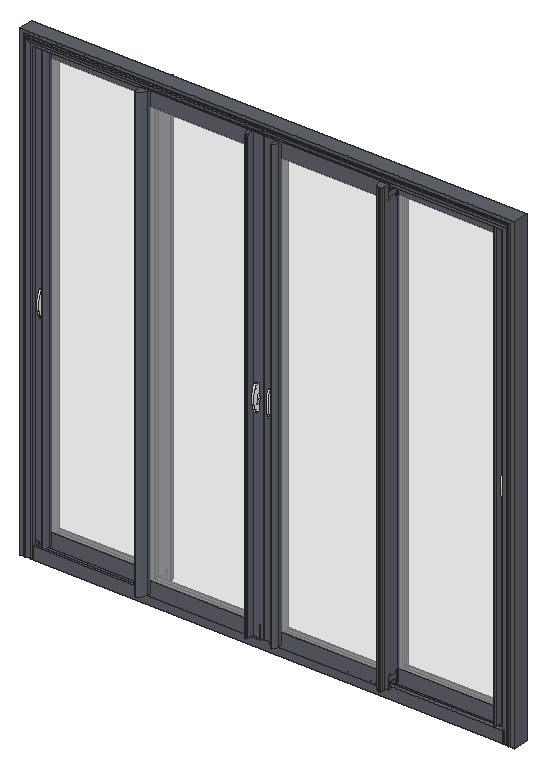
Revit family "Wicslide_65_Glass32_4_leaf_2_track_4_leaf_slide_or_2_inner_slide_2_outer_fixed", category Doors, host Wall, Revit 2014 (continued)
Definition of nested family "Leaf_Wicslide_65_G32_2_leaf_2_track_both_sliding_or_1_fixed_1slide"
  Dimensions and locks
    locked: plane 3 "Center (Left/Right)" to plane 18 at 20
    "Handle Distance": plane 17 to plane 1 "Center (Front/Back)"
    plane 19 to level = 960.237 mm
    plane 21 to plane 1 "Center (Front/Back)" = 21.816 mm
    plane 23 to level to plane 22 = 25 mm locked, 5.306 mm locked
    locked: plane 4 to plane 24 at 18.975
    plane 25 to plane 5 to plane 26 = 10.5 mm locked, 19.5 mm locked
    "Profil Bottom": plane 27 to level
    "Glass Width": plane 12 to plane 13
    "16": plane 1 "Center (Front/Back)" to plane 13
    locked: plane 28 to plane 3 "Center (Left/Right)" at 9.9
    aligned and locked: level to plane 2
    aligned and locked: plane 9 to plane 16
    aligned and locked: nested 3 to level
    aligned and locked: nested 3 to plane 1 "Center (Front/Back)"
    aligned and locked: Extrusion 2 to plane 6
    aligned and locked: plane 7 to Extrusion 2
    aligned and locked: plane 8 to Extrusion 2
    aligned and locked: Extrusion 2 to plane 9
    aligned and locked: Extrusion 2 to plane 13
    aligned and locked: plane 12 to Extrusion 2
    aligned and locked: Sweep 4 to Sweep 3 sketch curve
    aligned and locked: plane 17 to nested 10
    aligned and locked: nested 10 to plane 18
    aligned and locked: plane 19 to nested 10
    aligned and locked: plane 1 "Center (Front/Back)" to nested 11
    aligned and locked: Sweep 10 to Sweep 4 sketch curve
    aligned and locked: Sweep 10 to Sweep 9 sketch curve
    aligned and locked: Sweep 10 to Sweep 8 sketch curve
    aligned and locked: Sweep 10 to Sweep 7 sketch curve
    aligned and locked: Sweep 10 to Sweep 6 sketch curve
    aligned and locked: Sweep 10 to Sweep 5 sketch curve
    aligned and locked: Sweep 10 to Sweep 1 sketch curve
    aligned and locked: Sweep 7 to Sweep 3 sketch curve
    aligned and locked: nested 12 to plane 17
    aligned and locked: nested 12 to plane 18
    aligned and locked: plane 23 to cut or joined group of Sweep 9, Extrusion 11, Extrusion 12, Extrusion 13
    aligned and locked: cut or joined group of Sweep 9, Extrusion 11, Extrusion 12, Extrusion 13 to plane 22
    aligned and locked: cut or joined group of Sweep 9, Extrusion 11, Extrusion 12, Extrusion 13 to plane 7
    aligned and locked: plane 27 to Sweep 9 sketch curve
    aligned and locked: plane 27 to Sweep 4 sketch curve
    aligned and locked: plane 27 to Sweep 7 sketch curve
    aligned and locked: plane 27 to Sweep 6 sketch curve
    aligned and locked: plane 27 to Sweep 5 sketch curve
    aligned and locked: plane 27 to Sweep 1 sketch curve
    aligned and locked: plane 27 to Sweep 8 sketch curve
    aligned and locked: nested 13 to plane 8
    aligned and locked: nested 13 to plane 9
    aligned and locked: nested 1 to plane 1 "Center (Front/Back)"
    aligned and locked: plane 3 "Center (Left/Right)" to nested 1
    aligned and locked: nested 4 to plane 3 "Center (Left/Right)"
    aligned and locked: nested 4 to plane 1 "Center (Front/Back)"
    aligned and locked: nested 5 to plane 3 "Center (Left/Right)"
    aligned and locked: nested 5 to plane 1 "Center (Front/Back)"
    aligned and locked: nested 2 to plane 1 "Center (Front/Back)"
    aligned and locked: plane 4 to nested 2
    aligned and locked: nested 8 to plane 1 "Center (Front/Back)"
    aligned and locked: plane 4 to nested 8
    aligned and locked: plane 4 to nested 7
    aligned and locked: nested 7 to plane 1 "Center (Front/Back)"
    aligned and locked: plane 7 to nested 14
    aligned and locked: plane 6 to nested 14
    aligned and locked: plane 12 to nested 14
    aligned and locked: plane 12 to nested 13
    aligned and locked: cut or joined group of Sweep 8, Extrusion 12, Extrusion 13 to plane 7  (x2)
    aligned and locked: cut or joined group of Sweep 8, Extrusion 12, Extrusion 13 to plane 22
    aligned and locked: plane 23 to cut or joined group of Sweep 8, Extrusion 12, Extrusion 13
    aligned and locked: plane 25 to cut or joined group of Sweep 8, Extrusion 12, Extrusion 13
    aligned and locked: cut or joined group of Sweep 8, Extrusion 12, Extrusion 13 to plane 26
    aligned and locked: plane 5 to nested 11
    aligned and locked: nested 6 to nested 9
    aligned and locked: nested 9 to plane 1 "Center (Front/Back)"
  Automatic sketch dimensions
    curve 2 to plane 8 = 0 mm
    curve 2 to plane 12 = 0 mm
    curve 3 to plane 1 "Center (Front/Back)" = 0 mm
    curve 1 to plane 9 = 0 mm
    curve 1 to plane 13 = 0 mm
    curve 2 to plane 9 = 0 mm
    curve 3 to plane 9 = 0 mm
    curve 3 to plane 8 = 0 mm
    curve 1 to plane 8 = 0 mm
    plane 20 to Sweep 1 sketch curve = 0.135 mm
    Sweep 1 sketch curve to profile plane = 22 mm
    profile plane to Sweep 1 sketch curve = 59.481 mm
    Sweep 1 sketch curve to Sweep 1 sketch curve = 0.086 mm
    Sweep 1 sketch curve to Sweep 1 sketch curve = 11.914 mm
    profile plane to Sweep 1 sketch curve = 10.369 mm
    Sweep 1 sketch curve to profile plane = 8.519 mm  (x2)
    Sweep 1 sketch curve to Sweep 1 sketch curve = 5.4 mm  (x2)
    Sweep 1 sketch curve to Sweep 1 sketch curve = 6 mm
    profile plane to Sweep 1 sketch curve = 16 mm
    profile plane to Sweep 1 sketch curve = 16.6 mm
    Extrusion 2 sketch curve to plane 6 = 0 mm
    Extrusion 2 sketch curve to plane 7 = 0 mm
    Extrusion 2 sketch curve to plane 9 = 0 mm
    Extrusion 2 sketch curve to plane 8 = 0 mm
    Sweep 3 sketch curve to level = 0 mm
    profile plane to Sweep 3 sketch curve = 5.306 mm  (x2)
    Sweep 3 sketch curve to profile plane = 5.236 mm  (x2)
    Sweep 3 sketch curve to Sweep 3 sketch curve = 20.678 mm
    plane 16 to Sweep 3 sketch curve = 0.034 mm
    plane 16 to Sweep 3 sketch curve = 12.094 mm  (x2)
    Sweep 3 sketch curve to plane 1 "Center (Front/Back)" = 20.1 mm
    Sweep 3 sketch curve to plane 1 "Center (Front/Back)" = 18.502 mm
    Sweep 3 sketch curve to Sweep 3 sketch curve = 3.498 mm
    Sweep 3 sketch curve to Sweep 3 sketch curve = 4.1 mm  (x2)
    plane 1 "Center (Front/Back)" to Sweep 3 sketch curve = 16 mm
    plane 1 "Center (Front/Back)" to Sweep 3 sketch curve = 16.6 mm
    Sweep 3 sketch curve to Sweep 3 sketch curve = 1.9 mm
    Sweep 4 sketch curve to plane 4 = 0 mm
    Sweep 4 sketch curve to profile plane = 0 mm
    Sweep 4 sketch curve to plane 1 "Center (Front/Back)" = 25.992 mm
    Sweep 4 sketch curve to Sweep 4 sketch curve = 3.692 mm
    Sweep 4 sketch curve to Sweep 4 sketch curve = 6.3 mm
    profile plane to Sweep 4 sketch curve = 7.023 mm
    plane 1 "Center (Front/Back)" to Sweep 4 sketch curve = 16 mm
    Sweep 4 sketch curve to Sweep 4 sketch curve = 6 mm
    Sweep 4 sketch curve to Sweep 4 sketch curve = 12.003 mm  (x2)
    Sweep 4 sketch curve to profile plane = 18.975 mm
    Sweep 5 sketch curve to plane 3 "Center (Left/Right)" = 0 mm
    profile plane to Sweep 5 sketch curve = 58.1 mm
    Sweep 5 sketch curve to Sweep 5 sketch curve = 10.918 mm
    Sweep 5 sketch curve to Sweep 5 sketch curve = 3.31 mm
    Sweep 5 sketch curve to Sweep 5 sketch curve = 1.085 mm  (x2)
    Sweep 5 sketch curve to Sweep 5 sketch curve = 1.687 mm
    profile plane to Sweep 5 sketch curve = 13.004 mm
    Sweep 5 sketch curve to Sweep 5 sketch curve = 0.954 mm
    Sweep 5 sketch curve to profile plane = 9.9 mm  (x2)
    Sweep 5 sketch curve to plane 1 "Center (Front/Back)" = 22 mm
    Sweep 5 sketch curve to plane 1 "Center (Front/Back)" = 16.517 mm
    plane 1 "Center (Front/Back)" to Sweep 5 sketch curve = 16.671 mm
    Sweep 5 sketch curve to Sweep 5 sketch curve = 5.329 mm
    Sweep 5 sketch curve to Sweep 5 sketch curve = 9.518 mm
    Sweep 5 sketch curve to Sweep 5 sketch curve = 9 mm  (x2)
    Sweep 6 sketch curve to plane 3 "Center (Left/Right)" = 0 mm
    Sweep 6 sketch curve to plane 1 "Center (Front/Back)" = 22 mm
    profile plane to Sweep 6 sketch curve = 58.1 mm
    Sweep 6 sketch curve to Sweep 6 sketch curve = 0 mm
    Sweep 6 sketch curve to Sweep 6 sketch curve = 12 mm
    profile plane to Sweep 6 sketch curve = 8.988 mm
    profile plane to Sweep 6 sketch curve = 6.1 mm
    Sweep 6 sketch curve to profile plane = 9.9 mm  (x2)
    Sweep 6 sketch curve to Sweep 6 sketch curve = 6 mm  (x2)
    Sweep 6 sketch curve to plane 1 "Center (Front/Back)" = 16 mm
    plane 1 "Center (Front/Back)" to Sweep 6 sketch curve = 16 mm  (x2)
    Sweep 6 sketch curve to Sweep 6 sketch curve = 19.999 mm
    Sweep 7 sketch curve to plane 3 "Center (Left/Right)" = 0 mm
    profile plane to Sweep 7 sketch curve = 58.1 mm
    Sweep 7 sketch curve to Sweep 7 sketch curve = 0 mm
    Sweep 7 sketch curve to Sweep 7 sketch curve = 11.964 mm
    profile plane to Sweep 7 sketch curve = 8.988 mm
    Sweep 7 sketch curve to profile plane = 9.9 mm  (x2)
    Sweep 7 sketch curve to plane 1 "Center (Front/Back)" = 22 mm
    Sweep 7 sketch curve to Sweep 7 sketch curve = 5.4 mm
    Sweep 7 sketch curve to Sweep 7 sketch curve = 6 mm
    plane 1 "Center (Front/Back)" to Sweep 7 sketch curve = 16 mm
    plane 1 "Center (Front/Back)" to Sweep 7 sketch curve = 16.6 mm
    Sweep 7 sketch curve to Sweep 7 sketch curve = 28.4 mm
    Sweep 8 sketch curve to plane 4 = 0 mm
    Sweep 8 sketch curve to profile plane = 0 mm
    profile plane to Sweep 8 sketch curve = 7.45 mm
    Sweep 8 sketch curve to Sweep 8 sketch curve = 5.685 mm
    Sweep 8 sketch curve to Sweep 8 sketch curve = 1.859 mm
    Sweep 8 sketch curve to Sweep 8 sketch curve = 2.985 mm
    Sweep 8 sketch curve to Sweep 8 sketch curve = 0.996 mm
    plane 1 "Center (Front/Back)" to Sweep 8 sketch curve = 16.215 mm
    Sweep 8 sketch curve to Sweep 8 sketch curve = 10.729 mm
    Sweep 8 sketch curve to profile plane = 7 mm
    Sweep 8 sketch curve to Sweep 8 sketch curve = 12.026 mm  (x2)
    plane 1 "Center (Front/Back)" to Sweep 8 sketch curve = 16 mm
    Sweep 8 sketch curve to plane 1 "Center (Front/Back)" = 16.183 mm
    Sweep 8 sketch curve to Sweep 8 sketch curve = 6.117 mm
    Sweep 8 sketch curve to Sweep 8 sketch curve = 3.692 mm
    Sweep 8 sketch curve to Sweep 8 sketch curve = 14.94 mm
    Sweep 8 sketch curve to Sweep 8 sketch curve = 20.253 mm
    Sweep 8 sketch curve to Sweep 8 sketch curve = 8.11 mm
    Sweep 8 sketch curve to Sweep 8 sketch curve = 1.002 mm
    Sweep 9 sketch curve to plane 4 = 0 mm
    Sweep 9 sketch curve to profile plane = 0 mm
    profile plane to Sweep 9 sketch curve = 18.975 mm
    Sweep 9 sketch curve to profile plane = 7.023 mm
    Sweep 9 sketch curve to profile plane = 19.026 mm
    Sweep 9 sketch curve to Sweep 9 sketch curve = 12.003 mm
    Sweep 9 sketch curve to plane 1 "Center (Front/Back)" = 25.992 mm
    Sweep 9 sketch curve to Sweep 9 sketch curve = 3.692 mm
    Sweep 9 sketch curve to Sweep 9 sketch curve = 6.3 mm
    plane 1 "Center (Front/Back)" to Sweep 9 sketch curve = 16 mm
    Sweep 9 sketch curve to Sweep 9 sketch curve = 41 mm
    plane 5 to Sweep 10 sketch curve = 5.236 mm
    Sweep 10 sketch curve to plane 24 = 0 mm
    plane 18 to Sweep 10 sketch curve = 7.95 mm
    Extrusion 11 sketch curve to plane 7 = 0 mm
    plane 12 to Extrusion 11 sketch curve = 0 mm
    plane 13 to Extrusion 11 sketch curve = 0 mm
    plane 24 to Extrusion 11 sketch curve = 10.301 mm
    Extrusion 12 sketch curve to plane 7 = 0 mm
    plane 12 to Extrusion 12 sketch curve = 0 mm
    plane 13 to Extrusion 12 sketch curve = 0 mm
    plane 24 to Extrusion 12 sketch curve = 7.365 mm
    plane 7 to Extrusion 13 sketch curve = 0 mm
    plane 12 to Extrusion 13 sketch curve = 0 mm
    plane 13 to Extrusion 13 sketch curve = 0 mm
    plane 24 to Extrusion 13 sketch curve = 7.365 mm
    plane 1 "Center (Front/Back)" to Sweep 10 sketch curve = 20.1 mm
    profile plane to Sweep 10 sketch curve = 64.007 mm
    Sweep 10 sketch curve to plane 1 "Center (Front/Back)" = 16 mm
    Sweep 10 sketch curve to Sweep 10 sketch curve = 0.001 mm
    Sweep 10 sketch curve to Sweep 10 sketch curve = 12.136 mm
    Sweep 10 sketch curve to Sweep 10 sketch curve = 20.678 mm
    profile plane to Sweep 10 sketch curve = 10.506 mm
    profile plane to Sweep 10 sketch curve = 10.505 mm
    profile plane to Sweep 10 sketch curve = 0.006 mm
    profile plane to Sweep 10 sketch curve = 0.005 mm
    Sweep 10 sketch curve to plane 1 "Center (Front/Back)" = 16.6 mm
    Sweep 10 sketch curve to Sweep 10 sketch curve = 1.9 mm
    Sweep 10 sketch curve to Sweep 10 sketch curve = 4.1 mm  (x2)
    Sweep 10 sketch curve to Sweep 10 sketch curve = 3.498 mm
    plane 1 "Center (Front/Back)" to Sweep 10 sketch curve = 18.502 mm
  Nested families
    nested 1: "Sash Verticals_1041270" at (-9.9, 22, 0), visible <- "Sash 1041270", type "Sash Verticals_1041270"
    nested 2: "Sash meeting 3041250" at (896, 18, 0), visible <- "Sash meeting 3041250", type "Sash meeting 3041250"
    nested 3: "Sash_horizontal_1041274" at (0, 0, 0) x (0, 1, 0) z (1, 0, 0), type "Sash_horizontal_1041274"
    nested 4: "Sash Verticals_1041271" at (-9.9, 22, 0), visible <- "Sash 1041271", type "Sash Verticals_1041271"
    nested 5: "Sash Verticals_1041272" at (-9.9, 22, 0), visible <- "Sash 1041272", type "Sash Verticals_1041272"
    nested 6: "Sash Verticals_1041273" at (-9.9, 22, 0), visible <- "Sash 1041273", type "Sash Verticals_1041273"
    nested 7: "Sash meeting 3041251" at (896, 18, 0), visible <- "Sash meeting 3041251", type "Sash meeting_3041251"
    nested 8: "Sash meeting 3041252" at (896, 18, 0), visible <- "Sash meeting 3041252", type "Sash meeting_3041252"
    nested 9: "Sash_lock" at (-9.9, 18, 0), type "Sash_lock"
    nested 10: "wicona_handle_2" at (20, -45, 956.633) x (-1, 0, 0) z (0, 0, 1), type "wicona_handle_2", detail levels medium+fine
    nested 11: "Sash_horizontal_1041274" at (0, 0, 2000) x (0, -1, 0) z (1, 0, 0), type "Sash_horizontal_1041274"
    nested 12: "wicona_handle_2d" at (20, -45, 0), type "wicona_handle_2d"
    nested 13: "window_2_pieces_glass_line" at (0, -16, 1953.4) x (0, 0, -1) z (1, 0, 0), type "T32"
      with built-in parameter 1001306 6.2559 (stored number, unit not read)
    nested 14: "window_2_pieces_glass_line" at (46.1, -16, 0), type "T32"
      with built-in parameter 1001306 2.7654 (stored number, unit not read)
  Definition of nested family "wicona_handle_2"
    Parameters (values of type "wicona_handle_2")
      Leaf Thickness = 119.445 mm
      Handle Material = Aluminium
    Reference planes
      plane 1 "Center (Front/Back)": y = 0
      plane 2: z = 0
      plane 3 "Center (Left/Right)": x = 0
      plane 4: x = -12.5
      plane 5: x = 12.5
      plane 6: y = -25
    Forms (mm)
      Extrusion 1, solid, material "Aluminium" <- "Handle Material"
        sketch origin (0, 0, 0) x (1, 0, 0) y (0, 0, 1)
          loop
            line (0, 24.936) -> (0, -24.936)
            arc (0, -24.936) -> (9.865, 0) -> (0, 24.936) r 36.45
        from 0 to 7.131
      Extrusion 2, solid, material "Aluminium" <- "Handle Material"
        sketch origin (0, 0, 0) x (0, 1, 0) y (0, 0, 1)
          loop
            line (0, 61.209) -> (-11.38, 61.209)
            arc (-11.38, 61.209) -> (-25.13, 4.31) -> (-11.38, -52.589) r 124.599
            line (-11.38, -52.589) -> (0, -52.589) -> (0, 61.209)
        from -4.798 to 4.287
      Extrusion 3, solid, material "Aluminium" <- "Handle Material"
        sketch origin (-0.471, 0, 3.281) x (0.788011, 0, 0.615661) y (-0.615661, 0, 0.788011)
          loop
            line (-12.5, 3.457) -> (-12.5, -1.543) -> (2.5, -1.543) -> (2.5, 3.457) -> (-12.5, 3.457)
        from 0 to 7.131
    Dimensions and locks
      aligned and locked: level to plane 2
  Definition of nested family "Sash Verticals_1041270"
    Reference planes
      plane 1 "Center (Front/Back)": y = 0
      plane 2: z = 0
      plane 3 "Center (Left/Right)": x = 0
      plane 4: y = -44
      plane 5: y = -22
      plane 6: y = -6
      plane 7: y = -38
    Lines and regions (mm)
      Filled region 1, type "Concrete", in view "Ref. Level", detail levels medium
        outline origin (18.997, 3.58, 0) x (1, 0, 0) y (0, 1, 0)
          loop
            line (-18.997, -3.58) -> (-18.997, -8.98) -> (-9.097, -8.98) -> (-9.097, -5.18) -> (-0.109, -5.18) -> (-0.109, -45.98) -> (-9.097, -45.98) -> (-9.097, -42.18) -> (-18.997, -42.18) -> (-18.997, -47.58) -> (49.003, -47.58) -> (49.003, -41.58) -> (37.039, -41.58) -> (37.039, -9.58) -> (49.003, -9.58) -> (49.003, -3.58) -> (-18.997, -3.58)
      model lines, style "GLAS", in view "Ref. Level", detail levels fine
        curve 1: line (56.036, -2.324, 0) -> (56.036, -40.117, 0)
  Definition of nested family "Sash meeting 3041250"
    Parameters (values of type "Sash meeting 3041250")
      6 = 6 mm
    Reference planes
      plane 1 "Center (Front/Back)": y = 0
      plane 2: z = 0
      plane 3 "Center (Left/Right)": x = 0
      plane 4: y = -40
      plane 5: y = -18
      plane 6: x = 18.975
      plane 7: y = -2
      plane 8: y = -34
    Lines and regions (mm)
      Filled region 1, type "Concrete", in view "Ref. Level", detail levels medium
        outline origin (18.997, 3.58, 0) x (1, 0, 0) y (0, 1, 0)
          loop
            line (-0.022, -43.58) -> (-0.022, 4.412) -> (-18.997, 4.412) -> (-18.997, 0.72) -> (-38.109, 0.72) -> (-38.109, -5.58) -> (-26.02, -5.58) -> (-26.02, -37.58) -> (-38.109, -37.58) -> (-38.109, -43.58) -> (-0.022, -43.58)
  Definition of nested family "Sash_horizontal_1041274"
    Reference planes
      plane 1 "Center (Front/Back)": y = 0
      plane 2: z = 0
      plane 3 "Center (Left/Right)": x = 0
      plane 4: y = -5.264
      plane 5: y = 46.634
      plane 6: x = -16
      plane 7: x = 16
    Lines and regions (mm)
      Filled region 1, type "Concrete", in view "Ref. Level", detail levels medium
        outline origin (18.997, 3.58, 0) x (1, 0, 0) y (0, 1, 0)
          loop
            line (-39.097, -8.845) -> (-35.597, -8.845) -> (-35.597, 1.655) -> (-37.497, 1.655) -> (-37.497, 22.334) -> (-0.495, 22.334) -> (-0.495, 1.655) -> (-2.394, 1.655) -> (-2.394, -8.845) -> (1.103, -8.845) -> (1.103, 55.157) -> (-2.997, 55.157) -> (-2.997, 43.054) -> (-34.997, 43.054) -> (-34.997, 55.156) -> (-39.097, 55.156) -> (-39.097, -8.845)
      detail lines, style "CENT3", in view "Ref. Level", not visible
        curve 1: line (123.517, -4.599, 0) -> (123.517, -38.599, 0)
      detail lines, style "GLAS", in view "Ref. Level", not visible
        curve 2: line (83.517, -9.599, 0) -> (123.517, -9.599, 0)
        curve 3: line (123.517, -9.599, 0) -> (123.517, -14.599, 0)
        curve 4: line (123.517, -14.599, 0) -> (83.517, -14.599, 0)
        curve 5: line (83.517, -14.599, 0) -> (83.517, -9.599, 0)
        curve 6: line (83.517, -28.599, 0) -> (123.517, -28.599, 0)
        curve 7: line (123.517, -28.599, 0) -> (123.517, -33.599, 0)
        curve 8: line (123.517, -33.599, 0) -> (83.517, -33.599, 0)
        curve 9: line (83.517, -33.599, 0) -> (83.517, -28.599, 0)
        curve 10: line (83.517, -10.599, 0) -> (123.517, -10.599, 0)
        curve 11: line (83.517, -11.599, 0) -> (123.517, -11.599, 0)
        curve 12: line (83.517, -12.599, 0) -> (123.517, -12.599, 0)
        curve 13: line (83.517, -13.599, 0) -> (123.517, -13.599, 0)
        curve 14: line (83.517, -14.599, 0) -> (123.517, -14.599, 0)
        curve 15: line (93.517, -14.599, 0) -> (93.517, -28.599, 0)
        curve 16: line (83.517, -28.599, 0) -> (123.517, -28.599, 0)
        curve 17: line (83.517, -29.599, 0) -> (123.517, -29.599, 0)
        curve 18: line (83.517, -30.599, 0) -> (123.517, -30.599, 0)
        curve 19: line (83.517, -31.599, 0) -> (123.517, -31.599, 0)
        curve 20: line (83.517, -32.599, 0) -> (123.517, -32.599, 0)
        curve 21: line (123.517, -9.599, 0) -> (83.517, -9.599, 0)
        curve 22: line (83.517, -9.599, 0) -> (83.517, -33.599, 0)
        curve 23: line (83.517, -33.599, 0) -> (123.517, -33.599, 0)
      detail lines, style "GLAS", in view "Ref. Level", not visible, detail levels fine
        curve 24: line (56.036, -6.117, 0) -> (96.036, -6.117, 0)
        curve 25: line (96.036, -30.117, 0) -> (56.036, -30.117, 0)
        curve 26: line (96.036, -6.117, 0) -> (56.036, -6.117, 0)
        curve 27: line (56.036, -6.117, 0) -> (56.036, -30.117, 0)
        curve 28: line (56.036, -30.117, 0) -> (96.036, -30.117, 0)
  Definition of nested family "Sash Verticals_1041271"
    Reference planes
      plane 1 "Center (Front/Back)": y = 0
      plane 2: z = 0
      plane 3 "Center (Left/Right)": x = 0
      plane 4: y = -44
      plane 5: y = -22
      plane 6: y = -6
      plane 7: y = -38
    Lines and regions (mm)
      Filled region 1, type "Concrete", in view "Ref. Level", detail levels medium
        outline origin (18.997, 3.58, 0) x (1, 0, 0) y (0, 1, 0)
          loop
            line (-18.997, -3.58) -> (-18.997, -8.98) -> (-9.097, -8.98) -> (-9.097, -5.18) -> (-0.109, -5.18) -> (-0.109, -45.98) -> (-9.097, -45.98) -> (-9.097, -42.18) -> (-18.997, -42.18) -> (-18.997, -70.58) -> (49.003, -70.58) -> (49.003, -41.58) -> (37.039, -41.58) -> (37.039, -9.58) -> (49.003, -9.58) -> (49.003, -3.58) -> (-18.997, -3.58)
      model lines, style "GLAS", in view "Ref. Level", detail levels fine
        curve 1: line (56.036, -2.324, 0) -> (56.036, -40.117, 0)
  Definition of nested family "Sash Verticals_1041272"
    Reference planes
      plane 1 "Center (Front/Back)": y = 0
      plane 2: z = 0
      plane 3 "Center (Left/Right)": x = 0
      plane 4: y = -44
      plane 5: y = -22
      plane 6: y = -6
      plane 7: y = -38
    Lines and regions (mm)
      Filled region 1, type "Concrete", in view "Ref. Level", detail levels medium
        outline origin (18.997, 5.863, 0) x (1, 0, 0) y (0, 1, 0)
          loop
            line (-18.997, -5.863) -> (-18.997, -11.863) -> (-8.997, -11.863) -> (-8.997, -7.463) -> (-0.109, -7.463) -> (-0.109, -48.263) -> (-8.997, -48.263) -> (-8.997, -43.863) -> (-18.997, -43.863) -> (-18.997, -49.863) -> (-2.997, -49.863) -> (-2.997, -69.862) -> (49.003, -69.862) -> (49.003, -43.863) -> (37.039, -43.863) -> (37.039, -11.863) -> (49.003, -11.863) -> (49.003, -5.863) -> (-18.997, -5.863)
      model lines, style "GLAS", in view "Ref. Level", detail levels fine
        curve 1: line (56.036, -2.324, 0) -> (56.036, -40.117, 0)
  Definition of nested family "Sash Verticals_1041273"
    Reference planes
      plane 1 "Center (Front/Back)": y = 0
      plane 2: z = 0
      plane 3 "Center (Left/Right)": x = 0
      plane 4: y = -44
      plane 5: y = -22
      plane 6: y = -6
      plane 7: y = -38
    Lines and regions (mm)
      Filled region 1, type "Concrete", in view "Ref. Level", detail levels medium
        outline origin (18.997, 5.863, 0) x (1, 0, 0) y (0, 1, 0)
          loop
            line (-18.997, -5.863) -> (-18.997, -11.263) -> (-8.997, -11.263) -> (-8.997, -7.463) -> (-0.109, -7.463) -> (-0.109, -48.263) -> (-8.997, -48.263) -> (-8.997, -44.463) -> (-18.997, -44.463) -> (-18.997, -49.863) -> (32.003, -49.863) -> (32.003, -72.818) -> (32.786, -79.191) -> (34.42, -83.863) -> (38.085, -83.863)
            arc (38.085, -83.863) -> (45.505, -72.219) -> (49.003, -58.863) r 44.553
            line (49.003, -58.863) -> (49.003, -43.863) -> (37.039, -43.863) -> (37.039, -11.863) -> (49.003, -11.863) -> (49.003, -5.863) -> (-18.997, -5.863)
      model lines, style "GLAS", in view "Ref. Level", detail levels fine
        curve 1: line (56.036, -2.324, 0) -> (56.036, -40.117, 0)
  Definition of nested family "Sash meeting 3041251"
    Parameters (values of type "Sash meeting 3041251")
      6 = 6 mm
    Reference planes
      plane 1 "Center (Front/Back)": y = 0
      plane 2: z = 0
      plane 3 "Center (Left/Right)": x = 0
      plane 4: y = -40
      plane 5: y = -18
      plane 6: x = 18.975
      plane 7: y = -2
      plane 8: y = -34
      plane 9: y = 4.5
    Lines and regions (mm)
      Filled region 1, type "Concrete", in view "Ref. Level", detail levels medium
        outline origin (18.997, 3.58, 0) x (1, 0, 0) y (0, 1, 0)
          loop
            line (-0.022, -78.58) -> (-0.022, 4.412) -> (-18.997, 4.412) -> (-18.997, 0.72) -> (-38.109, 0.72) -> (-38.109, -5.58) -> (-26.02, -5.58) -> (-26.02, -37.58) -> (-38.109, -37.58) -> (-38.109, -78.58) -> (-0.022, -78.58)
  Definition of nested family "Sash meeting 3041252"
    Parameters (values of type "Sash meeting 3041252")
      6 = 6 mm
    Reference planes
      plane 1 "Center (Front/Back)": y = 0
      plane 2: z = 0
      plane 3 "Center (Left/Right)": x = 0
      plane 4: y = -40
      plane 5: y = -18
      plane 6: x = 18.975
      plane 7: y = -2
      plane 8: y = -34
      plane 9: y = 4.5
    Lines and regions (mm)
      Filled region 1, type "Concrete", in view "Ref. Level", detail levels medium
        outline origin (18.997, 3.58, 0) x (1, 0, 0) y (0, 1, 0)
          loop
            line (-0.022, -60.28) -> (-0.022, 4.412) -> (-18.997, 4.412) -> (-18.997, 0.72) -> (-38.109, 0.72) -> (-38.109, -5.58) -> (-26.02, -5.58) -> (-26.02, -37.58) -> (-38.109, -37.58) -> (-38.109, -52.434)
            arc (-38.109, -52.434) -> (-28.07, -70.772) -> (-11.546, -83.58) r 51.285
            line (-11.546, -83.58) -> (-4.436, -83.58) -> (-0.022, -60.28)
  Definition of nested family "Sash_lock"
    Reference planes
      plane 1 "Center (Front/Back)": y = 0
      plane 2: z = 0
      plane 3 "Center (Left/Right)": x = 0
      plane 4: y = -36
      plane 5: y = -18
  Definition of nested family "wicona_handle_2d"
    Reference planes
      plane 1 "Center (Front/Back)": y = 0
      plane 2: z = 0
      plane 3 "Center (Left/Right)": x = 0
    Lines and regions (mm)
      Filled region 1, type "Concrete", in view "Ref. Level", detail levels medium
        outline origin (18.997, 3.58, 0) x (1, 0, 0) y (0, 1, 0)
          loop
            line (-32.997, -3.58) -> (-32.997, -9.933) -> (-24.997, -13.663) -> (-24.997, -27.833) -> (-22.937, -29.893) -> (-14.406, -29.893) -> (-13.407, -28.894) -> (-12.884, -13.903) -> (-10.056, -13.145) -> (-10.056, -16.127) -> (-7.132, -23.016) -> (0.376, -23.016) -> (1.978, -21.414) -> (0.932, -15.482) -> (-2.662, -8.313) -> (-7.394, -3.58) -> (-32.997, -3.58)
      model lines, style "PIECES", in view "Ref. Level", detail levels fine
        curve 1: arc (14, -1.6, 0) -> (13.707, -0.893, 0) -> (13, -0.6, 0) r 1
        curve 2: arc (6.221, -10.26, 0) -> (7.596, -9.888, 0) -> (8.949, -9.443, 0) r 26.5
        curve 3: arc (-13.393, -7.367, 0) -> (-9.913, -9.076, 0) -> (-6.221, -10.26, 0) r 26.5
        curve 4: arc (11.211, -7.242, 0) -> (11.535, -6.913, 0) -> (11.677, -6.473, 0) r 1
        curve 5: line (11.793, -0.6, 0) -> (12.052, -0.6, 0)
        curve 6: line (12.052, -0.6, 0) -> (13, -0.6, 0)
        curve 7: line (8.949, -12.262, 0) -> (8.949, -8.492, 0)
        curve 8: line (-4.591, -26.312, 0) -> (4.591, -26.312, 0)
        curve 9: line (-5.814, -25, 0) -> (-6.068, -10.451, 0)
        curve 10: line (-6.068, -10.451, 0) -> (-6.221, -10.26, 0)
        curve 11: line (5.815, -24.927, 0) -> (6.068, -10.451, 0)
        curve 12: line (6.068, -10.451, 0) -> (6.221, -10.26, 0)
        curve 13: line (11.211, -7.242, 0) -> (10.341, -7.762, 0)
        curve 14: line (10.341, -7.762, 0) -> (9.463, -8.24, 0)
        curve 15: line (9.463, -8.24, 0) -> (8.565, -8.68, 0)
        curve 16: line (8.565, -8.68, 0) -> (7.649, -9.083, 0)
        curve 17: line (7.505, -9.142, 0) -> (7.006, -9.364, 0)
        curve 18: line (-13.393, -7.367, 0) -> (-13.886, -6.543, 0)
        curve 19: line (-13.886, -6.543, 0) -> (-14, 0, 0)
        curve 20: line (-14, 0, 0) -> (11.805, 0, 0)
        curve 21: line (11.805, 0, 0) -> (11.786, -1, 0)
        curve 22: line (11.786, -1, 0) -> (11.766, -2, 0)
        curve 23: line (11.766, -2, 0) -> (11.747, -2.999, 0)
        curve 24: line (11.747, -2.999, 0) -> (11.727, -3.999, 0)
        curve 25: line (11.727, -3.999, 0) -> (11.708, -4.999, 0)
        curve 26: line (11.708, -4.999, 0) -> (11.688, -5.999, 0)
        curve 27: line (11.688, -5.999, 0) -> (11.68, -6.413, 0)
        curve 28: line (12.793, -0.754, 0) -> (13.413, -1.137, 0)
        curve 29: line (13.413, -1.137, 0) -> (14.151, -1.812, 0)
        curve 30: line (14.151, -1.812, 0) -> (14.853, -2.523, 0)
        curve 31: line (14.853, -2.523, 0) -> (15.519, -3.269, 0)
        curve 32: line (15.519, -3.269, 0) -> (16.149, -4.046, 0)
        curve 33: line (16.149, -4.046, 0) -> (16.743, -4.851, 0)
        curve 34: line (16.743, -4.851, 0) -> (17.301, -5.68, 0)
        curve 35: line (17.301, -5.68, 0) -> (17.61, -6.174, 0)
        curve 36: line (12.052, -0.6, 0) -> (12.765, -0.743, 0)
        curve 37: line (17.643, -6.231, 0) -> (18.091, -7.125, 0)
        curve 38: line (18.091, -7.125, 0) -> (18.508, -8.034, 0)
        curve 39: line (18.508, -8.034, 0) -> (18.897, -8.955, 0)
        curve 40: line (18.897, -8.955, 0) -> (19.257, -9.888, 0)
        curve 41: line (19.257, -9.888, 0) -> (19.59, -10.831, 0)
        curve 42: line (19.59, -10.831, 0) -> (19.895, -11.783, 0)
        curve 43: line (19.895, -11.783, 0) -> (20.172, -12.744, 0)
        curve 44: line (20.172, -12.744, 0) -> (20.422, -13.712, 0)
        curve 45: line (20.422, -13.712, 0) -> (20.645, -14.687, 0)
        curve 46: line (20.645, -14.687, 0) -> (20.841, -15.667, 0)
        curve 47: line (20.841, -15.667, 0) -> (21.011, -16.653, 0)
        curve 48: line (21.011, -16.653, 0) -> (21.043, -16.863, 0)
        curve 49: line (21.043, -16.863, 0) -> (20.974, -17.852, 0)
        curve 50: line (20.974, -17.852, 0) -> (20.702, -18.43, 0)
        curve 51: line (20.702, -18.43, 0) -> (20.014, -19.149, 0)
        curve 52: line (20.014, -19.149, 0) -> (19.107, -19.554, 0)
        curve 53: line (19.107, -19.554, 0) -> (18.664, -19.6, 0)
        curve 54: line (18.664, -19.6, 0) -> (16.934, -19.6, 0)
        curve 55: line (16.934, -19.6, 0) -> (15.934, -19.6, 0)
        curve 56: line (15.934, -19.6, 0) -> (14.934, -19.6, 0)
        curve 57: line (14.934, -19.6, 0) -> (13.934, -19.6, 0)
        curve 58: line (13.934, -19.6, 0) -> (13.413, -19.6, 0)
        curve 59: line (13.413, -19.6, 0) -> (12.446, -19.377, 0)
        curve 60: line (12.446, -19.377, 0) -> (11.651, -18.781, 0)
        curve 61: line (11.651, -18.781, 0) -> (11.243, -18.216, 0)
        curve 62: line (11.243, -18.216, 0) -> (10.768, -17.336, 0)
        curve 63: line (10.768, -17.336, 0) -> (10.324, -16.441, 0)
        curve 64: line (10.324, -16.441, 0) -> (9.909, -15.531, 0)
        curve 65: line (9.909, -15.531, 0) -> (9.525, -14.608, 0)
        curve 66: line (9.525, -14.608, 0) -> (9.171, -13.672, 0)
        curve 67: line (9.162, -13.647, 0) -> (8.966, -12.67, 0)
        curve 68: line (8.963, -12.62, 0) -> (8.951, -12.312, 0)
        curve 69: arc (-5.814, -25, 0) -> (-5.429, -25.928, 0) -> (-4.501, -26.312, 0) r 1.312
        curve 70: arc (4.591, -26.312, 0) -> (5.454, -25.955, 0) -> (5.812, -25.091, 0) r 1.221
  Definition of nested family "window_2_pieces_glass_line"
    Parameters (values of type "T32")
      v1 = 5 mm
      line = 10 mm
      built-in parameter 1001306 [instance] = 1200 mm
      Glass Thickness = 32 mm
    Types (2, lengths in mm): name | Glass Thickness
      T24 | 24
      T32 | 32
    Reference planes
      plane 1 "Center (Front/Back)": y = 0
      plane 2: z = 0
      plane 3 "Left": x = 0
      plane 4 "Right": x = 1200
      plane 5: y = 32
      plane 6: y = 5
      plane 7: y = 27
      plane 8: x = 10
      plane 9: x = 1190
    Lines and regions (mm)
      reference lines, in view "Ref. Level"
        curve 1: line (0, 0, 0) -> (1200, 0, 0)
      detail lines, in view "Ref. Level", detail levels medium+fine
        curve 2: line (0, 32, 0) -> (1200, 32, 0)
        curve 3: line (0, 0, 0) -> (1200, 0, 0)
      detail lines, in view "Ref. Level", detail levels fine
        curve 4: line (0, 27, 0) -> (1200, 27, 0)
        curve 5: line (0, 5, 0) -> (1200, 5, 0)
      model lines, style "DetailComponents", in view "Ref. Level", detail levels fine
        curve 6: line (10, 27, 0) -> (10, 5, 0)
      detail lines, style "DetailComponents", in view "Ref. Level", detail levels fine
        curve 7: line (1190, 27, 0) -> (1190, 5, 0)
      model lines, style "DetailComponents", in view "Ref. Level", detail levels medium+fine
        curve 8: line (1200, 32, 0) -> (1200, 0, 0)
      detail lines, style "DetailComponents", in view "Ref. Level", detail levels medium+fine
        curve 9: line (0, 32, 0) -> (0, 0, 0)
    Dimensions and locks
      "built-in parameter 1001306": plane 3 "Left" to plane 4 "Right"
      "Glass Thickness": plane 5 to plane 1 "Center (Front/Back)"
      plane 5 to plane 1 "Center (Front/Back)" = 32 mm
      "v1": plane 5 to plane 7
      "v1": plane 6 to plane 1 "Center (Front/Back)"
      "line": plane 3 "Left" to plane 8
      "line": plane 9 to plane 4 "Right"
      aligned and locked: plane 1 "Center (Front/Back)" to curve 1
      aligned and locked: plane 3 "Left" to curve 1
      aligned and locked: plane 4 "Right" to curve 1
      aligned and locked: plane 5 to curve 2
      aligned and locked: plane 7 to curve 4
      aligned and locked: plane 6 to curve 5
      aligned and locked: curve 5 to curve 6
      aligned and locked: curve 6 to plane 8
      aligned and locked: curve 5 to curve 7
      aligned and locked: curve 7 to plane 9
      aligned and locked: plane 1 "Center (Front/Back)" to curve 9
      aligned and locked: curve 9 to plane 3 "Left"
      aligned and locked: curve 2 to curve 8
      aligned and locked: curve 3 to curve 8
      aligned and locked: curve 8 to plane 4 "Right"
      aligned and locked: curve 4 to curve 7
      aligned and locked: curve 4 to curve 6
    Automatic sketch dimensions
      curve 5 to plane 4 "Right" = 0 mm
      curve 4 to plane 4 "Right" = 0 mm
      curve 3 to plane 4 "Right" = 0 mm
      curve 2 to plane 4 "Right" = 0 mm
Definition of nested family "Leaf_Wicslide_65_G32_2_leaf_2_track_both_sliding_or_1_fixed_1slide_right"
  Parameters (values of type "Leaf_Wicslide_65_G32_2_leaf_2_track_both_sliding_or_1_fixed_1slide_right")
    Sash meeting 3041252 = yes
    Sash meeting 3041250 = no
    Sash meeting 3041251 = no
    Sash 1041273 = no
    Sash 1041270 = no
    Sash 1041271 = yes
    Sash 1041272 = no
    Profil Bottom = 4 mm
    Handle Distance = if(Sash 1041270, 22 mm, if(Sash 1041271, 45 mm, if(Sash 1041272, 42 mm, 22 mm)))  # 45 mm
    Leaf Width = 896 mm
    Leaf Material = Aluminium
    Leaf Height = 1927.194 mm
    Handle Material = Aluminium
    Handle Height = 850 mm  # constant formula
    Glass Width = 32 mm
    Glass Offset 2 = 7 mm  # constant formula
    Glass Offset = 46.1 mm  # constant formula
    Glass Material = WICONA -  Glass
    Glas Offset Bottom = 46.6 mm
    Frame Material = Aluminium
    16 = 16 mm
  Reference planes
    plane 1 "Center (Front/Back)": y = 0
    plane 2: z = 0
    plane 3 "Center (Left/Right)": x = 0
    plane 4: x = 896
    plane 5: z = 1927.194
    plane 6: x = 46.1
    plane 7: x = 889
    plane 8: z = 1880.594
    plane 9: z = 46.6
    plane 10: z = 896.6
    plane 11: x = 58.1
    plane 12: y = -16
    plane 13: y = 16
    plane 14: x = -3.312
    plane 15: x = 899.312
    plane 16: z = 46.6
    plane 17: y = -45
    plane 18: x = 20
    plane 19: z = 960.237
    plane 20: x = -1.516
    plane 21: y = -21.816
    plane 22: z = -5.306
    plane 23: z = 25
    plane 24: x = 914.975
    plane 25: z = 1937.694
    plane 26: z = 1907.694
    plane 27: z = 4
    plane 28: x = -9.9
  Forms (mm)
    Sweep 1, solid, material "Aluminium" <- "Leaf Material", visible <- "Sash 1041270"
      path origin (-1.381, 0, 34.551) x (1, 0, 0) y (0, 0, 1)
        loop
          line (0, -30.551) -> (0, 1897.873)
      profile origin (-1.381, 0, 968.212) x (-1, 0, 0) y (0, -1, 0)
        loop
          line (-59.481, -22) -> (8.519, -22) -> (8.519, -16.6) -> (-10.369, -16.6) -> (-10.369, 16.6) -> (8.519, 16.6) -> (8.519, 22) -> (-59.395, 22) -> (-59.395, 16) -> (-47.481, 16) -> (-47.481, -16) -> (-59.481, -16) -> (-59.481, -22)
    Extrusion 2, solid, material "WICONA -  Glass" <- "Glass Material", detail levels medium+fine
      sketch origin (-214.248, -550.766, -473.088) x (1, 0, 0) y (0, 0, 1)
        loop
          line (260.348, 2353.682) -> (260.348, 519.688) -> (1103.248, 519.688) -> (1103.248, 2353.682) -> (260.348, 2353.682)
      from -566.766 to -534.766
    Sweep 3, solid, material "Aluminium" <- "Leaf Material"
      path origin (0, 0, 0) x (1, 0, 0) y (0, 0, 1)
        loop
          line (8.988, 0) -> (914.975, 0)
      profile origin (461.982, 0, 0) x (0, 0, 1) y (0, -1, 0)
        loop
          line (-5.306, -20.1) -> (58.694, -20.1) -> (58.694, -16) -> (46.634, -16) -> (46.634, 16) -> (58.694, 16) -> (58.694, 20.1) -> (-5.306, 20.1) -> (-5.306, 16.6) -> (5.236, 16.6) -> (5.236, 18.5) -> (25.914, 18.5) -> (25.914, -18.502) -> (5.236, -18.502) -> (5.236, -16.602) -> (-5.306, -16.602) -> (-5.306, -20.1)
    Sweep 4, solid, material "Aluminium" <- "Leaf Material", visible <- "Sash meeting 3041250"
      path origin (0, 0, 0) x (1, 0, 0) y (0, 0, 1)
        loop
          line (896, 1932.424) -> (896, 4)
      profile origin (896, 0, 968.212) x (0, -1, 0) y (1, 0, 0)
        loop
          line (-22, -19.112) -> (-16, -19.112) -> (-16, -7.023) -> (16, -7.023) -> (16, -19.112) -> (22.3, -19.112) -> (22.3, 0) -> (25.992, 0) -> (25.992, 18.975) -> (-22, 18.975) -> (-22, -19.112)
    Sweep 5, solid, material "Aluminium" <- "Leaf Material", visible <- "Sash 1041273"
      path origin (0, 0, 0) x (1, 0, 0) y (0, 0, 1)
        loop
          line (0, 4) -> (0, 1932.424)
      profile origin (0, 0, 968.212) x (-1, 0, 0) y (0, -1, 0)
        loop
          line (9.9, -22) -> (9.9, -16.517) -> (-12.05, -16.517) -> (-12.05, 16.671) -> (9.9, 16.671) -> (9.9, 22) -> (-41.1, 22) -> (-41.1, 47) -> (-42.787, 54.915) -> (-43.872, 56) -> (-47.182, 56)
          arc (-47.182, 56) -> (-54.565, 44.34) -> (-58.1, 31) r 45.352
          line (-58.1, 31) -> (-58.1, -22) -> (9.9, -22)
    Sweep 6, solid, material "Aluminium" <- "Leaf Material", visible <- "Sash 1041272"
      path origin (0, 0, 0) x (1, 0, 0) y (0, 0, 1)
        loop
          line (0, 4) -> (0, 1932.424)
      profile origin (0, 0, 968.212) x (-1, 0, 0) y (0, -1, 0)
        loop
          line (-58.1, -22) -> (9.9, -22) -> (9.9, -16) -> (-8.988, -16) -> (-8.988, 16) -> (9.9, 16) -> (9.9, 22) -> (-6.1, 22) -> (-6.1, 41.999) -> (-58.1, 41.999) -> (-58.1, 16) -> (-46.1, 16) -> (-46.1, -16) -> (-58.1, -16) -> (-58.1, -22)
    Sweep 7, solid, material "Aluminium" <- "Leaf Material", visible <- "Sash 1041271"
      path origin (0, 0, 0) x (1, 0, 0) y (0, 0, 1)
        loop
          line (0, 4) -> (0, 1932.424)
      profile origin (0, 0, 968.212) x (-1, 0, 0) y (0, -1, 0)
        loop
          line (9.9, -22) -> (9.9, -16.6) -> (-8.988, -16.6) -> (-8.988, 16.6) -> (9.9, 16.6) -> (9.9, 45) -> (-58.1, 45) -> (-58.1, 16) -> (-46.136, 16) -> (-46.136, -16) -> (-58.1, -16) -> (-58.1, -22) -> (9.9, -22)
    Sweep 8, solid, material "Aluminium" <- "Leaf Material", visible <- "Sash meeting 3041252"
      path origin (0, 0, 0) x (1, 0, 0) y (0, 0, 1)
        loop
          line (896, 4) -> (896, 1932.424)
      profile origin (896, 0, 968.212) x (-1, 0, 0) y (0, -1, 0)
        loop
          line (0, 25.992) -> (-18.975, 25.992) -> (-18.975, -41.747) -> (-17.979, -49.857) -> (-14.994, -60.998) -> (-13.135, -62) -> (-7.45, -62)
          arc (-7.45, -62) -> (9.037, -49.24) -> (19.026, -30.94) r 50.906
          line (19.026, -30.94) -> (19.026, -16) -> (7, -16) -> (7, 16.183) -> (19.026, 16.183) -> (19.026, 22.3) -> (0, 22.3) -> (0, 25.992)
    Sweep 9, solid, material "Aluminium" <- "Leaf Material", visible <- "Sash meeting 3041251"
      path origin (0, 0, 0) x (1, 0, 0) y (0, 0, 1)
        loop
          line (896, 4) -> (896, 1932.424)
      profile origin (896, 0, 968.212) x (-1, 0, 0) y (0, -1, 0)
        loop
          line (0, 25.992) -> (-18.975, 25.992) -> (-18.975, -57) -> (19.026, -57) -> (19.026, -16) -> (7.023, -16) -> (7.023, 16) -> (19.026, 16) -> (19.026, 22.3) -> (0, 22.3) -> (0, 25.992)
    Sweep 10, solid, material "Aluminium" <- "Leaf Material"
      path origin (0, 0, 5.236) x (1, 0, 0) y (0, 0, 1)
        loop
          line (12.05, 1927.194) -> (914.975, 1927.194)
      profile origin (463.512, 0, 1932.43) x (0, 0, 1) y (0, -1, 0)
        loop
          line (-0.006, 20.1) -> (-64.007, 20.1) -> (-64.007, 16) -> (-51.87, 16) -> (-51.87, -16) -> (-64.006, -16) -> (-64.006, -20.1) -> (-0.005, -20.1) -> (-0.005, -16.6) -> (-10.505, -16.6) -> (-10.505, -18.5) -> (-31.192, -18.5) -> (-31.192, 18.502) -> (-10.506, 18.502) -> (-10.506, 16.602) -> (-0.006, 16.602) -> (-0.006, 20.1)
    Extrusion 11, void
      sketch origin (0, 0, 0) x (1, 0, 0) y (0, 1, 0)
        loop
          line (889, 16) -> (889, -16) -> (925.276, -16) -> (925.276, 16) -> (889, 16)
      from -5.306 to 25
    Extrusion 12, void
      sketch origin (0, 0, 0) x (1, 0, 0) y (0, 1, 0)
        loop
          line (922.34, 16) -> (889, 16) -> (889, -16) -> (922.34, -16) -> (922.34, 16)
      from -5.306 to 25
    Extrusion 13, void
      sketch origin (0, 0, 140) x (1, 0, 0) y (0, 1, 0)
        loop
          line (922.34, 16) -> (889, 16) -> (889, -16) -> (922.34, -16) -> (922.34, 16)
      from 1767.694 to 1797.694
  Cuts and joins
    Extrusion 11, Extrusion 12 cuts Extrusion 2
    Extrusion 11, Extrusion 12 cuts Sweep 3
    Extrusion 11, Extrusion 12, Extrusion 13 cuts Sweep 9
    Extrusion 12, Extrusion 13 cuts Sweep 4
    Extrusion 12, Extrusion 13 cuts Sweep 8
  Lines and regions (mm)
    symbolic lines, style "GenericModel", detail levels medium+fine
      curve 1: line (0, 16, 1880.594) -> (0, 16, 46.6)
      curve 2: line (0, -16, 1880.594) -> (0, -16, 46.6)
      curve 3: line (0, 0, 1880.594) -> (0, 0, 46.6)
  Dimensions and locks
    "Leaf Width": plane 3 "Center (Left/Right)" to plane 4
    "Leaf Height": plane 5 to level
    "Glass Offset": plane 3 "Center (Left/Right)" to plane 6
    "Glass Offset 2": plane 7 to plane 4
    "Glas Offset Bottom": plane 5 to plane 8
    level to plane 10 = 896.6 mm
    "Handle Height": plane 10 to plane 9
    "Glas Offset Bottom": plane 9 to level
    locked: plane 3 "Center (Left/Right)" to plane 14 at 3.312
    locked: plane 15 to plane 4 at 3.312
    locked: plane 3 "Center (Left/Right)" to plane 18 at 20
    "Handle Distance": plane 17 to plane 1 "Center (Front/Back)"
    plane 19 to level = 960.237 mm
    plane 21 to plane 1 "Center (Front/Back)" = 21.816 mm
    plane 23 to level to plane 22 = 25 mm locked, 5.306 mm locked
    locked: plane 4 to plane 24 at 18.975
    plane 25 to plane 5 to plane 26 = 10.5 mm locked, 19.5 mm locked
    "Profil Bottom": plane 27 to level
    "Glass Width": plane 12 to plane 13
    "16": plane 1 "Center (Front/Back)" to plane 13
    locked: nested 5 to plane 3 "Center (Left/Right)" at 9.9
    aligned and locked: level to plane 2
    aligned and locked: plane 9 to plane 16
    aligned and locked: nested 2 to level
    aligned and locked: nested 2 to plane 1 "Center (Front/Back)"
    aligned and locked: Extrusion 2 to plane 6
    aligned and locked: plane 7 to Extrusion 2
    aligned and locked: plane 8 to Extrusion 2
    aligned and locked: Extrusion 2 to plane 9
    aligned and locked: Extrusion 2 to plane 13
    aligned and locked: plane 12 to Extrusion 2
    aligned and locked: plane 17 to nested 7
    aligned and locked: nested 7 to plane 18
    aligned and locked: plane 19 to nested 7
    aligned and locked: plane 1 "Center (Front/Back)" to nested 8
    aligned and locked: Sweep 10 to Sweep 4 sketch curve
    aligned and locked: Sweep 10 to Sweep 9 sketch curve
    aligned and locked: Sweep 10 to Sweep 8 sketch curve
    aligned and locked: Sweep 10 to Sweep 7 sketch curve
    aligned and locked: Sweep 10 to Sweep 6 sketch curve
    aligned and locked: Sweep 10 to Sweep 5 sketch curve
    aligned and locked: Sweep 10 to Sweep 1 sketch curve
    aligned and locked: Sweep 7 to Sweep 3 sketch curve
    aligned and locked: nested 9 to plane 17
    aligned and locked: nested 9 to plane 18
    aligned and locked: plane 23 to cut or joined group of Sweep 9, Extrusion 11, Extrusion 12, Extrusion 13
    aligned and locked: cut or joined group of Sweep 9, Extrusion 11, Extrusion 12, Extrusion 13 to plane 22
    aligned and locked: cut or joined group of Sweep 9, Extrusion 11, Extrusion 12, Extrusion 13 to plane 7
    aligned and locked: plane 27 to Sweep 9 sketch curve
    aligned and locked: plane 27 to Sweep 4 sketch curve
    aligned and locked: plane 27 to Sweep 7 sketch curve
    aligned and locked: plane 27 to Sweep 6 sketch curve
    aligned and locked: plane 27 to Sweep 5 sketch curve
    aligned and locked: plane 27 to Sweep 1 sketch curve
    aligned and locked: plane 27 to Sweep 8 sketch curve
    aligned and locked: nested 10 to plane 8
    aligned and locked: nested 10 to plane 9
    aligned and locked: nested 1 to plane 1 "Center (Front/Back)"
    aligned and locked: plane 3 "Center (Left/Right)" to nested 1
    aligned and locked: nested 3 to plane 3 "Center (Left/Right)"
    aligned and locked: nested 3 to plane 1 "Center (Front/Back)"
    aligned and locked: nested 4 to plane 3 "Center (Left/Right)"
    aligned and locked: nested 4 to plane 1 "Center (Front/Back)"
    aligned and locked: plane 7 to nested 11
    aligned and locked: plane 6 to nested 11
    aligned and locked: plane 12 to nested 11
    aligned and locked: plane 12 to nested 10
    aligned and locked: cut or joined group of Sweep 8, Extrusion 12, Extrusion 13 to plane 7  (x2)
    aligned and locked: cut or joined group of Sweep 8, Extrusion 12, Extrusion 13 to plane 22
    aligned and locked: plane 23 to cut or joined group of Sweep 8, Extrusion 12, Extrusion 13
    aligned and locked: plane 25 to cut or joined group of Sweep 8, Extrusion 12, Extrusion 13
    aligned and locked: cut or joined group of Sweep 8, Extrusion 12, Extrusion 13 to plane 26
    aligned and locked: plane 5 to nested 8
    aligned and locked: nested 14 to plane 4
    aligned and locked: nested 14 to plane 1 "Center (Front/Back)"
    aligned and locked: nested 12 to plane 1 "Center (Front/Back)"
    aligned and locked: nested 12 to plane 4
    aligned and locked: nested 13 to plane 1 "Center (Front/Back)"
    aligned and locked: nested 13 to plane 4
    aligned and locked: nested 5 to plane 1 "Center (Front/Back)"
    aligned and locked: nested 5 to plane 3 "Center (Left/Right)"
    aligned and locked: nested 5 to nested 6
    aligned and locked: nested 6 to plane 1 "Center (Front/Back)"
  Automatic sketch dimensions
    curve 2 to plane 8 = 0 mm
    curve 2 to plane 12 = 0 mm
    curve 3 to plane 1 "Center (Front/Back)" = 0 mm
    curve 1 to plane 9 = 0 mm
    curve 1 to plane 13 = 0 mm
    curve 2 to plane 9 = 0 mm
    curve 3 to plane 9 = 0 mm
    curve 3 to plane 8 = 0 mm
    curve 1 to plane 8 = 0 mm
    plane 20 to Sweep 1 sketch curve = 0.135 mm
    Sweep 1 sketch curve to profile plane = 22 mm
    profile plane to Sweep 1 sketch curve = 59.481 mm
    Sweep 1 sketch curve to Sweep 1 sketch curve = 0.086 mm
    Sweep 1 sketch curve to Sweep 1 sketch curve = 11.914 mm
    profile plane to Sweep 1 sketch curve = 10.369 mm
    Sweep 1 sketch curve to profile plane = 8.519 mm  (x2)
    Sweep 1 sketch curve to Sweep 1 sketch curve = 5.4 mm  (x2)
    Sweep 1 sketch curve to Sweep 1 sketch curve = 6 mm
    profile plane to Sweep 1 sketch curve = 16 mm
    profile plane to Sweep 1 sketch curve = 16.6 mm
    Extrusion 2 sketch curve to plane 6 = 0 mm
    Extrusion 2 sketch curve to plane 7 = 0 mm
    Extrusion 2 sketch curve to plane 9 = 0 mm
    Extrusion 2 sketch curve to plane 8 = 0 mm
    Sweep 3 sketch curve to level = 0 mm
    profile plane to Sweep 3 sketch curve = 5.306 mm  (x2)
    Sweep 3 sketch curve to profile plane = 5.236 mm  (x2)
    Sweep 3 sketch curve to Sweep 3 sketch curve = 20.678 mm
    plane 16 to Sweep 3 sketch curve = 0.034 mm
    plane 16 to Sweep 3 sketch curve = 12.094 mm  (x2)
    Sweep 3 sketch curve to plane 1 "Center (Front/Back)" = 20.1 mm
    Sweep 3 sketch curve to plane 1 "Center (Front/Back)" = 18.502 mm
    Sweep 3 sketch curve to Sweep 3 sketch curve = 3.498 mm
    Sweep 3 sketch curve to Sweep 3 sketch curve = 4.1 mm  (x2)
    plane 1 "Center (Front/Back)" to Sweep 3 sketch curve = 16 mm
    plane 1 "Center (Front/Back)" to Sweep 3 sketch curve = 16.6 mm
    Sweep 3 sketch curve to Sweep 3 sketch curve = 1.9 mm
    Sweep 4 sketch curve to plane 4 = 0 mm
    Sweep 5 sketch curve to plane 3 "Center (Left/Right)" = 0 mm
    profile plane to Sweep 5 sketch curve = 58.1 mm
    Sweep 5 sketch curve to Sweep 5 sketch curve = 10.918 mm
    Sweep 5 sketch curve to Sweep 5 sketch curve = 3.31 mm
    Sweep 5 sketch curve to Sweep 5 sketch curve = 1.085 mm  (x2)
    Sweep 5 sketch curve to Sweep 5 sketch curve = 1.687 mm
    profile plane to Sweep 5 sketch curve = 13.004 mm
    Sweep 5 sketch curve to Sweep 5 sketch curve = 0.954 mm
    Sweep 5 sketch curve to profile plane = 9.9 mm  (x2)
    Sweep 5 sketch curve to plane 1 "Center (Front/Back)" = 22 mm
    Sweep 5 sketch curve to plane 1 "Center (Front/Back)" = 16.517 mm
    plane 1 "Center (Front/Back)" to Sweep 5 sketch curve = 16.671 mm
    Sweep 5 sketch curve to Sweep 5 sketch curve = 5.329 mm
    Sweep 5 sketch curve to Sweep 5 sketch curve = 9.518 mm
    Sweep 5 sketch curve to Sweep 5 sketch curve = 9 mm  (x2)
    Sweep 6 sketch curve to plane 3 "Center (Left/Right)" = 0 mm
    Sweep 6 sketch curve to plane 1 "Center (Front/Back)" = 22 mm
    profile plane to Sweep 6 sketch curve = 58.1 mm
    Sweep 6 sketch curve to Sweep 6 sketch curve = 0 mm
    Sweep 6 sketch curve to Sweep 6 sketch curve = 12 mm
    profile plane to Sweep 6 sketch curve = 8.988 mm
    profile plane to Sweep 6 sketch curve = 6.1 mm
    Sweep 6 sketch curve to profile plane = 9.9 mm  (x2)
    Sweep 6 sketch curve to Sweep 6 sketch curve = 6 mm  (x2)
    Sweep 6 sketch curve to plane 1 "Center (Front/Back)" = 16 mm
    plane 1 "Center (Front/Back)" to Sweep 6 sketch curve = 16 mm  (x2)
    Sweep 6 sketch curve to Sweep 6 sketch curve = 19.999 mm
    Sweep 7 sketch curve to plane 3 "Center (Left/Right)" = 0 mm
    profile plane to Sweep 7 sketch curve = 58.1 mm
    Sweep 7 sketch curve to Sweep 7 sketch curve = 0 mm
    Sweep 7 sketch curve to Sweep 7 sketch curve = 11.964 mm
    profile plane to Sweep 7 sketch curve = 8.988 mm
    Sweep 7 sketch curve to profile plane = 9.9 mm  (x2)
    Sweep 7 sketch curve to plane 1 "Center (Front/Back)" = 22 mm
    Sweep 7 sketch curve to Sweep 7 sketch curve = 5.4 mm
    Sweep 7 sketch curve to Sweep 7 sketch curve = 6 mm
    plane 1 "Center (Front/Back)" to Sweep 7 sketch curve = 16 mm
    plane 1 "Center (Front/Back)" to Sweep 7 sketch curve = 16.6 mm
    Sweep 7 sketch curve to Sweep 7 sketch curve = 28.4 mm
    Sweep 8 sketch curve to plane 4 = 0 mm
    Sweep 9 sketch curve to plane 4 = 0 mm
    plane 5 to Sweep 10 sketch curve = 5.236 mm
    Sweep 10 sketch curve to plane 24 = 0 mm
    plane 18 to Sweep 10 sketch curve = 7.95 mm
    Extrusion 11 sketch curve to plane 7 = 0 mm
    plane 12 to Extrusion 11 sketch curve = 0 mm
    plane 13 to Extrusion 11 sketch curve = 0 mm
    plane 24 to Extrusion 11 sketch curve = 10.301 mm
    Extrusion 12 sketch curve to plane 7 = 0 mm
    plane 12 to Extrusion 12 sketch curve = 0 mm
    plane 13 to Extrusion 12 sketch curve = 0 mm
    plane 24 to Extrusion 12 sketch curve = 7.365 mm
    plane 7 to Extrusion 13 sketch curve = 0 mm
    plane 12 to Extrusion 13 sketch curve = 0 mm
    plane 13 to Extrusion 13 sketch curve = 0 mm
    plane 24 to Extrusion 13 sketch curve = 7.365 mm
    plane 1 "Center (Front/Back)" to Sweep 10 sketch curve = 20.1 mm
    profile plane to Sweep 10 sketch curve = 64.007 mm
    Sweep 10 sketch curve to plane 1 "Center (Front/Back)" = 16 mm
    Sweep 10 sketch curve to Sweep 10 sketch curve = 0.001 mm
    Sweep 10 sketch curve to Sweep 10 sketch curve = 12.136 mm
    Sweep 10 sketch curve to Sweep 10 sketch curve = 20.678 mm
    profile plane to Sweep 10 sketch curve = 10.506 mm
    profile plane to Sweep 10 sketch curve = 10.505 mm
    profile plane to Sweep 10 sketch curve = 0.006 mm
    profile plane to Sweep 10 sketch curve = 0.005 mm
    Sweep 10 sketch curve to plane 1 "Center (Front/Back)" = 16.6 mm
    Sweep 10 sketch curve to Sweep 10 sketch curve = 1.9 mm
    Sweep 10 sketch curve to Sweep 10 sketch curve = 4.1 mm  (x2)
    Sweep 10 sketch curve to Sweep 10 sketch curve = 3.498 mm
    plane 1 "Center (Front/Back)" to Sweep 10 sketch curve = 18.502 mm
    profile plane to Sweep 8 sketch curve = 7.45 mm
    Sweep 8 sketch curve to Sweep 8 sketch curve = 5.685 mm
    Sweep 8 sketch curve to Sweep 8 sketch curve = 1.859 mm
    Sweep 8 sketch curve to Sweep 8 sketch curve = 2.985 mm
    Sweep 8 sketch curve to Sweep 8 sketch curve = 0.996 mm
    Sweep 8 sketch curve to Sweep 8 sketch curve = 10.729 mm
    Sweep 8 sketch curve to profile plane = 7 mm
    Sweep 8 sketch curve to Sweep 8 sketch curve = 12.026 mm  (x2)
    Sweep 8 sketch curve to Sweep 8 sketch curve = 6.117 mm
    Sweep 8 sketch curve to Sweep 8 sketch curve = 32.183 mm
    Sweep 8 sketch curve to Sweep 8 sketch curve = 0.215 mm
    Sweep 8 sketch curve to Sweep 8 sketch curve = 14.94 mm
    Sweep 8 sketch curve to Sweep 8 sketch curve = 20.253 mm
    Sweep 8 sketch curve to Sweep 8 sketch curve = 8.11 mm
    Sweep 8 sketch curve to Sweep 8 sketch curve = 1.002 mm
    Sweep 8 sketch curve to profile plane = 0 mm
    Sweep 8 sketch curve to Sweep 8 sketch curve = 3.692 mm
    plane 1 "Center (Front/Back)" to Sweep 8 sketch curve = 25.992 mm
    profile plane to Sweep 9 sketch curve = 18.975 mm
    Sweep 9 sketch curve to profile plane = 7.023 mm
    Sweep 9 sketch curve to profile plane = 19.026 mm
    Sweep 9 sketch curve to Sweep 9 sketch curve = 12.003 mm
    Sweep 9 sketch curve to plane 1 "Center (Front/Back)" = 57 mm
    Sweep 9 sketch curve to Sweep 9 sketch curve = 41 mm
    Sweep 9 sketch curve to Sweep 9 sketch curve = 32 mm
    Sweep 9 sketch curve to Sweep 9 sketch curve = 6.3 mm
    Sweep 9 sketch curve to Sweep 9 sketch curve = 3.692 mm
    Sweep 9 sketch curve to profile plane = 0 mm
    Sweep 4 sketch curve to profile plane = 0 mm
    Sweep 4 sketch curve to plane 1 "Center (Front/Back)" = 22 mm
    Sweep 4 sketch curve to Sweep 4 sketch curve = 6 mm
    profile plane to Sweep 4 sketch curve = 7.023 mm
    plane 1 "Center (Front/Back)" to Sweep 4 sketch curve = 16 mm
    Sweep 4 sketch curve to Sweep 4 sketch curve = 6.3 mm
    Sweep 4 sketch curve to Sweep 4 sketch curve = 3.692 mm
    Sweep 4 sketch curve to Sweep 4 sketch curve = 12.089 mm  (x2)
    Sweep 4 sketch curve to profile plane = 18.975 mm
    Sweep 3 sketch curve to plane 24 = 0 mm
  Nested families
    nested 1: "Sash Verticals_1041270" at (-9.9, 22, 0), visible <- "Sash 1041270", type "Sash Verticals_1041270"
    nested 2: "Sash_horizontal_1041274" at (0, 0, 0) x (0, 1, 0) z (1, 0, 0), type "Sash_horizontal_1041274"
    nested 3: "Sash Verticals_1041271" at (-9.9, 22, 0), visible <- "Sash 1041271", type "Sash Verticals_1041271"
    nested 4: "Sash Verticals_1041272" at (-9.9, 22, 0), visible <- "Sash 1041272", type "Sash Verticals_1041272"
    nested 5: "Sash Verticals_1041273" at (-9.9, 22, 0), visible <- "Sash 1041273", type "Sash Verticals_1041273"
    nested 6: "Sash_lock" at (-9.9, 18, 0), type "Sash_lock"
    nested 7: "wicona_handle_2" at (20, -45, 956.633) x (-1, 0, 0) z (0, 0, 1), type "wicona_handle_2", detail levels medium+fine
    nested 8: "Sash_horizontal_1041274" at (0, 0, 1927.194) x (0, -1, 0) z (1, 0, 0), type "Sash_horizontal_1041274"
    nested 9: "wicona_handle_2d" at (20, -45, 0), type "wicona_handle_2d"
    nested 10: "window_2_pieces_glass_line" at (0, -16, 1880.594) x (0, 0, -1) z (1, 0, 0), type "T32"
      with built-in parameter 1001306 6.017 (stored number, unit not read)
    nested 11: "window_2_pieces_glass_line" at (46.1, -16, 0), type "T32"
      with built-in parameter 1001306 2.7654 (stored number, unit not read)
    nested 12: "Sash meeting 3041251" at (896, -18, 0), visible <- "Sash meeting 3041251", type "Sash meeting_3041251"
    nested 13: "Sash meeting 3041250" at (896, -18, 0), visible <- "Sash meeting 3041250", type "Sash meeting 3041250"
    nested 14: "Sash meeting 3041252" at (896, -18, 0), visible <- "Sash meeting 3041252", type "Sash meeting_3041252"
  Definition of nested family "wicona_handle_2"
    Parameters (values of type "wicona_handle_2")
      Leaf Thickness = 119.445 mm
      Handle Material = Aluminium
    Reference planes
      plane 1 "Center (Front/Back)": y = 0
      plane 2: z = 0
      plane 3 "Center (Left/Right)": x = 0
      plane 4: x = -12.5
      plane 5: x = 12.5
      plane 6: y = -25
    Forms (mm)
      Extrusion 1, solid, material "Aluminium" <- "Handle Material"
        sketch origin (0, 0, 0) x (1, 0, 0) y (0, 0, 1)
          loop
            line (0, 24.936) -> (0, -24.936)
            arc (0, -24.936) -> (9.865, 0) -> (0, 24.936) r 36.45
        from 0 to 7.131
      Extrusion 2, solid, material "Aluminium" <- "Handle Material"
        sketch origin (0, 0, 0) x (0, 1, 0) y (0, 0, 1)
          loop
            line (0, 61.209) -> (-11.38, 61.209)
